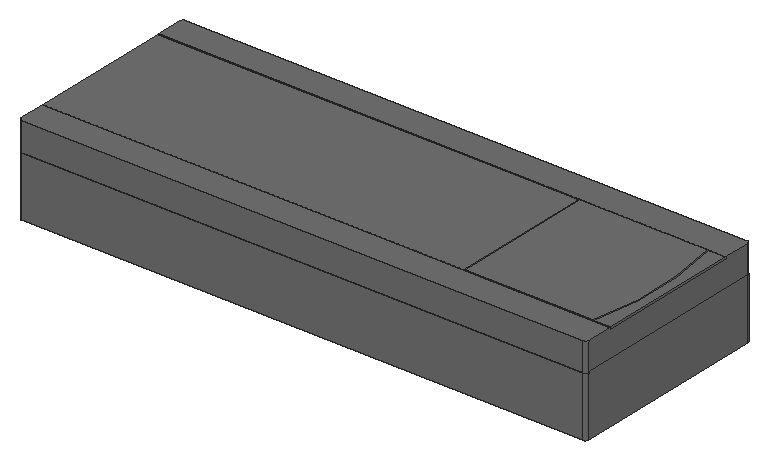
Revit family "2ICON2_MC_RFA", category Data Devices, host Face, Revit 2019
Family settings
  Host = Face
  Maintain Annotation Orientation = No
  Round Connector Dimension = Use Diameter
  Part Type = Normal
  OmniClass Number = 23.85.50.00
  OmniClass Title = Communication Systems
  Cut with Voids When Loaded = No
  Shared = No
  Room Calculation Point = No
Parameters (values of type "Icon2_Main Controller_Basic_EU_088U2100")
  W = 52 mm
  Voltage = 230 V  # constant formula
  URL = "https://store.danfoss.com/en/Climate-Solutions-for-heating/Hydronic-floor-heating/Room-controls/c/4212?q=%3Arelevance%3Adanfoss_producttypehierarchydesc%3ADanfoss+Icon2&page=0&pageSize=20"
  Transmission Range = "Up to 30 m"  # constant formula
  Transmission Frequency = "2,4 GHz (Zigbee 3.0)"  # constant formula
  R1 = 2 mm
  Power Supply = "220-240 V AC"  # constant formula
  Power Consumption = "50 W"  # constant formula
  Power = 50 VA  # constant formula
  Output Voltage to Thermostats = "24 V DC"  # constant formula
  Output Voltage to Actuators = "230V (24V with conversion module installed)"
  Number of Actuator Output = "15"  # constant formula
  Model Type = "Icon2_Main Controller_Basic_EU"
  Model = "088U2100"
  Max Power Consumption Per Actuator = "2 W"  # constant formula
  Max Number of Thermostats = "15"  # constant formula
  Manufacturer = "Danfoss"  # constant formula
  LOD 350 = not(LOD 200)  # yes
  LOD 200 = no
  L = 333 mm
  IfcExportType = "ICON2_MC"  # constant formula
  IfcExportAs = "IfcElectricApplianceType"  # constant formula
  IP Rating = "IP 20"  # constant formula
  H = 120 mm
  Description = "Main Controller and Room Thermostat"  # constant formula
  Default Elevation = 1219.2 mm
  Body Material = Danfoss Plastic Dark Gray
Types (7, lengths in mm): name | Output Voltage to Actuators | Model Type | Model
  Icon2_Main Controller_Basic_EU_088U2100 | "230V (24V with conversion module installed)" | "Icon2_Main Controller_Basic_EU" | "088U2100"
  Icon2_Main Controller_Basic_CH_088U2101 | "230V (24V with conversion module installed)" | "Icon2_Main Controller_Basic_CH" | "088U2101"
  Icon2_Main Controller_Basic_NP_088U2102 | "230V (24V with conversion module installed)" | "Icon2_Main Controller_Basic_NP" | "088U2102"
  Icon2_Main Controller_Advanced_EU_088U2110 | "230V (24V with conversion module installed)" | "Icon2_Main Controller_Advanced_EU" | "088U2110"
  Icon2_Main Controller_Advanced_CH_088U2111 | "230V (24V with conversion module installed)" | "Icon2_Main Controller_Advanced_CH" | "088U2111"
  Icon2_Main Controller_Advanced_NP_088U2112 | "230V (24V with conversion module installed)" | "Icon2_Main Controller_Advanced_NP" | "088U2112"
  Icon2_Main Controller_Basic_24V_EU_088U2105 | "24V with conversion module installed" | "Icon2_Main Controller_Basic_24V_EU" | "088U2105"
Reference planes
  plane 1 "Center (Front/Back)": y = 0
  plane 2: z = 0
  plane 3 "Center (Left/Right)": x = 0
  plane 4: x = 166.5
  plane 5: x = -166.5
  plane 6: y = 60
  plane 7: y = -60
  plane 8: y = 58
  plane 9: x = -164.5
  plane 10: y = -58
  plane 11: x = 164.5
  plane 12 "Face": z = 52
  plane 13 "w1": z = 35.5
  plane 14: y = 42.5
  plane 15: y = -42.5
  plane 16: y = 42
  plane 17: y = -42
  plane 18: x = 156.5
  plane 19: x = 156
  plane 20: x = 80.5
  plane 21: x = 81
Forms (mm)
  Extrusion 1, solid, material "Danfoss Plastic Dark Gray" <- "Body Material", visible <- "LOD 350", detail levels fine
    sketch origin (0, 0, 0) x (1, 0, 0) y (0, 1, 0)
      loop
        line (-166.5, 58) -> (-166.5, -58)
        arc (-166.5, -58) -> (-165.914, -59.414) -> (-164.5, -60) r 2
        line (-164.5, -60) -> (164.5, -60)
        arc (164.5, -60) -> (165.914, -59.414) -> (166.5, -58) r 2
        line (166.5, -58) -> (166.5, 58)
        arc (166.5, 58) -> (165.914, 59.414) -> (164.5, 60) r 2
        line (164.5, 60) -> (-164.5, 60)
        arc (-164.5, 60) -> (-165.914, 59.414) -> (-166.5, 58) r 2
    from 0 to 35.5
  Extrusion 2, solid, material "Danfoss Plastic Dark Gray" <- "Body Material", visible <- "LOD 350", detail levels fine
    sketch origin (0, 0, 35.5) x (0, -1, 0) y (1, 0, 0)
      loop
        line (-58, -166.5) -> (58, -166.5)
        arc (58, -166.5) -> (59.414, -165.914) -> (60, -164.5) r 2
        line (60, -164.5) -> (60, 164.5)
        arc (60, 164.5) -> (59.414, 165.914) -> (58, 166.5) r 2
        line (58, 166.5) -> (-58, 166.5)
        arc (-58, 166.5) -> (-59.414, 165.914) -> (-60, 164.5) r 2
        line (-60, 164.5) -> (-60, -164.5)
        arc (-60, -164.5) -> (-59.414, -165.914) -> (-58, -166.5) r 2
    from 0 to 16.5
  Extrusion 3, void
    sketch origin (0, 0, 52) x (0, -1, 0) y (1, 0, 0)
      loop
        line (-42.5, -166.5) -> (42.5, -166.5) -> (42.5, 166.5) -> (-42.5, 166.5) -> (-42.5, -166.5)
    from -1 to 0
  Extrusion 4, solid, material "Danfoss Plastic Dark Gray" <- "Body Material", visible <- "LOD 350", detail levels fine
    sketch origin (0, 0, 52) x (0, -1, 0) y (1, 0, 0)
      loop
        line (-42, 80.5) -> (-42, -166.5) -> (42, -166.5) -> (42, 80.5) -> (-42, 80.5)
      loop
        line (-42, 81) -> (42, 81) -> (42, 156)
        arc (42, 156) -> (0, 160.952) -> (-42, 156) r 180.6
        line (-42, 156) -> (-42, 81)
    from -1 to 0
  Extrusion 5, solid, material "Danfoss Plastic Dark Gray" <- "Body Material", visible <- "LOD 350", detail levels fine
    sketch origin (0, 0, 52) x (0, -1, 0) y (1, 0, 0)
      loop
        arc (-42, 156.5) -> (0, 161.452) -> (42, 156.5) r 180.6
        line (42, 156.5) -> (42, 166.5) -> (-42, 166.5) -> (-42, 156.5)
    from -1 to 0
  Extrusion 6, solid, material "Danfoss Plastic Dark Gray" <- "Body Material", visible <- "LOD 200", detail levels fine
    sketch origin (0, 0, 0) x (1, 0, 0) y (0, 1, 0)
      loop
        line (166.5, 60) -> (-166.5, 60) -> (-166.5, -60) -> (166.5, -60) -> (166.5, 60)
    from 0 to 35.5
  Extrusion 7, solid, material "Danfoss Plastic Dark Gray" <- "Body Material", visible <- "LOD 200", detail levels fine
    sketch origin (0, 0, 35.5) x (0, -1, 0) y (1, 0, 0)
      loop
        line (-60, -166.5) -> (60, -166.5) -> (60, 166.5) -> (-60, 166.5) -> (-60, -166.5)
    from 0 to 16.5
  Extrusion 8, solid, material "Danfoss Plastic Dark Gray" <- "Body Material", detail levels coarse+medium
    sketch origin (0, 0, 0) x (1, 0, 0) y (0, 1, 0)
      loop
        line (-166.5, 60) -> (-166.5, -60) -> (166.5, -60) -> (166.5, 60) -> (-166.5, 60)
    from 0 to 52
Cuts and joins
  Extrusion 3 cuts Extrusion 1
  Extrusion 3 cuts Extrusion 2
Dimensions and locks
  "L": plane 5 to plane 4
  "H": plane 7 to plane 6
  equal spacing: plane 7, plane 1 "Center (Front/Back)", plane 6
  equal spacing: plane 5, plane 3 "Center (Left/Right)", plane 4
  "W": plane 12 "Face" to level
  plane 12 "Face" to plane 13 "w1" = 16.5 mm  (x2)
  plane 13 "w1" to level = 35.5 mm
  plane 5 to plane 20 = 247 mm
  plane 18 to plane 4 = 10 mm
  "R1": radius of Extrusion 1 sketch curve  (x3)
  radius of Extrusion 1 sketch curve = 2 mm
  aligned and locked: plane 2 to host face
  aligned and locked: level to host face
  aligned and locked: Extrusion 1 sketch curve to plane 5
  aligned and locked: Extrusion 1 sketch curve to plane 7
  aligned and locked: Extrusion 1 sketch curve to plane 6
  aligned and locked: Extrusion 1 sketch curve to plane 4
  aligned and locked: Extrusion 2 sketch curve to Extrusion 1  (x4)
  aligned and locked: Extrusion 3 sketch curve to plane 5
  aligned and locked: Extrusion 3 sketch curve to plane 14
  aligned and locked: Extrusion 3 sketch curve to plane 15
  aligned and locked: Extrusion 3 sketch curve to plane 4
  aligned and locked: Extrusion 4 sketch curve to plane 16  (x2)
  aligned and locked: Extrusion 4 sketch curve to plane 5
  aligned and locked: Extrusion 4 sketch curve to plane 17  (x2)
  aligned and locked: Extrusion 4 sketch curve to plane 20
  aligned and locked: Extrusion 4 sketch curve to plane 21
  aligned and locked: plane 19 to Extrusion 4 sketch curve  (x2)
  aligned and locked: plane 18 to Extrusion 5 sketch curve  (x2)
  aligned and locked: Extrusion 5 sketch curve to plane 4
  aligned and locked: plane 16 to Extrusion 5 sketch curve
  aligned and locked: Extrusion 5 sketch curve to plane 17
  aligned and locked: Extrusion 6 sketch curve to plane 6
  aligned and locked: Extrusion 6 sketch curve to plane 5
  aligned and locked: Extrusion 6 sketch curve to plane 7
  aligned and locked: Extrusion 6 sketch curve to plane 4
  aligned and locked: Extrusion 7 sketch curve to plane 5
  aligned and locked: Extrusion 7 sketch curve to plane 6
  aligned and locked: Extrusion 7 sketch curve to plane 7
  aligned and locked: Extrusion 7 sketch curve to plane 4
  aligned and locked: Extrusion 8 sketch curve to plane 5
  aligned and locked: Extrusion 8 sketch curve to Extrusion 7
  aligned and locked: Extrusion 8 sketch curve to plane 7
  aligned and locked: Extrusion 8 sketch curve to plane 4
Automatic sketch dimensions
  host sketch curve to host sketch curve = 2438.4 mm  (x2)
  Extrusion 4 sketch curve to plane 3 "Center (Left/Right)" = 19.648 mm
  Extrusion 5 sketch curve to plane 3 "Center (Left/Right)" = 19.148 mm
Connectors
  electrical at (0, 0, 52), driven by "Voltage", driven by "Power"
    settings: index 1, voltage 230 V, apparent load 50 VA, apparent load phase1 2 VA, apparent load phase2 0 VA, apparent load phase3 0 VA, power factor 1, load classification "HVAC", number of poles 1, system type 30, power factor state 0, is connector primary yes, connector utility no, sub classification motor no, connector description ""
